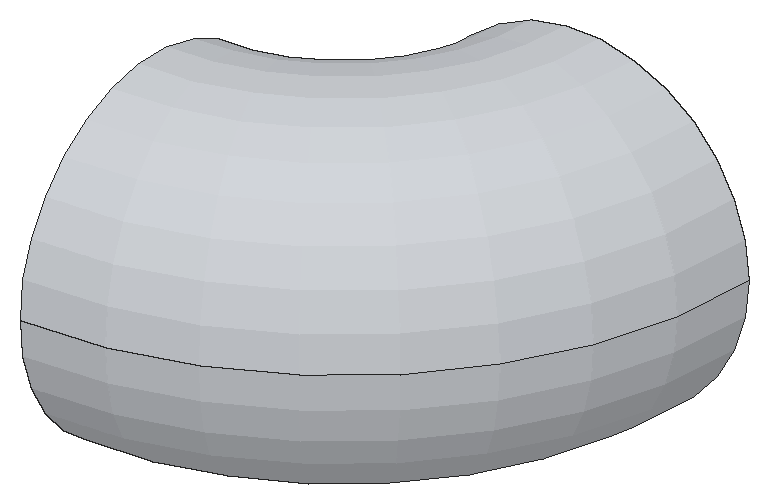
Revit family "M_Elbow - Generic", category Pipe Fittings, Revit 2014
Parameters (values of type "Standard")
  Tick Size [instance] = Fitting Outside Diameter * 0.4 * tan(Angle / 2)  # 11.43 mm
  Nominal Radius [instance] = 12.5 mm
  Nominal Diameter [instance] = Nominal Radius * 2  # 25 mm
  Lookup Table Name = "M_Pipe Fitting - Generic"
  Fitting Outside Radius [instance] = Fitting Outside Diameter / 2  # 14.288 mm
  Fitting Outside Diameter [instance] = size_lookup(Lookup Table Name, "FOD", Nominal Diameter + 3.175 mm, Nominal Diameter)  # 28.575 mm
  Center to End [instance] = Center Radius * tan(Angle / 2)  # 20.637 mm
  Center Radius [instance] = Fitting Outside Radius + 6.35 mm  # 20.638 mm
  Angle [instance] = 90.00°
Reference planes
  plane 1 "Center (Front/Back)": y = 0
  plane 2: z = 0
  plane 3 "Center (Left/Right)": x = 0
  plane 4: x = -20.637
  plane 5: y = 20.637
  plane 6: y = 11.43
  plane 7: y = -11.43
Forms (mm)
  Sweep 1, solid, detail levels fine
    path in 3D
      loop
        arc (-20.637, 0, 0) -> (-6.045, 6.045, 0) -> (0, 20.637, 0) r 20.638
    profile origin (-6.045, 6.045, 0) x (-0.707107, 0.707107, 0) y (0, 0, 1)
      loop
        circle (0, 0) r 14.288
Lines and regions (mm)
  reference lines
    curve 1: line (0, 0, 0) -> (0, 22.126, 0)
    curve 2: line (-20.637, 20.637, 0) -> (14.363, 20.637, 0)
    curve 3: line (-11.43, 8.68, 0) -> (-11.43, 23.68, 0)
    curve 4: line (11.43, 17.403, 0) -> (11.43, 29.245, 0)
    curve 5: arc (-20.637, 0, 0) -> (-6.045, 6.045, 0) -> (0, 20.637, 0) r 20.638
  model lines, detail levels coarse+medium
    curve 6: arc (-20.637, 0, 0) -> (-6.045, 6.045, 0) -> (0, 20.637, 0) r 20.638
    curve 7: line (-20.637, 11.43, 0) -> (-20.637, -11.43, 0)
    curve 8: line (-11.43, 20.637, 0) -> (11.43, 20.637, 0)
  sketch lines
    curve 9: arc (-20.637, 0, 0) -> (-6.045, 6.045, 0) -> (0, 20.637, 0) r 20.638
Dimensions and locks
  "Center to End": plane 4 to plane 3 "Center (Left/Right)"
  "Center Radius": plane 5 to plane 1 "Center (Front/Back)"
  "Tick Size": plane 6 to plane 1 "Center (Front/Back)"
  "Tick Size": plane 7 to plane 1 "Center (Front/Back)"
  equal spacing: curve 4, curve 1, curve 3
  "Tick Size": curve 1 to curve 3
  "Center Radius": radius of curve 5
  "Center Radius": radius of curve 6
  "Fitting Outside Radius": radius of Sweep 1 sketch curve
  "Angle": angle plane 1 "Center (Front/Back)" to curve 1
  "Angle": angle plane 4 to curve 2
  "Angle": angle plane 1 "Center (Front/Back)" to curve 3
  "Angle": angle plane 1 "Center (Front/Back)" to curve 4
  "Angle": angle curve 5 to curve 5
  "Angle": angle curve 6 to curve 6
  aligned and locked: plane 3 "Center (Left/Right)" to curve 1
  aligned and locked: plane 1 "Center (Front/Back)" to curve 1
  aligned and locked: plane 4 to curve 2
  aligned and locked: plane 5 to curve 2
  aligned and locked: plane 4 to curve 5  (x2)
  aligned and locked: plane 5 to curve 5
  aligned and locked: plane 4 to curve 6  (x2)
  aligned and locked: plane 5 to curve 6
  aligned and locked: plane 6 to curve 7
  aligned and locked: plane 7 to curve 7
  aligned and locked: curve 7 to plane 4
  aligned and locked: curve 3 to curve 8
  aligned and locked: curve 4 to curve 8
  aligned and locked: curve 2 to curve 8
Automatic sketch dimensions
  curve 4 to curve 2 = 3.235 mm
  curve 1 to curve 3 = 8.68 mm
  Sweep 1 sketch curve to profile plane = 0 mm
  profile plane to Sweep 1 sketch curve = 0 mm
Connectors
  piping at (-20.637, 0, 0), diameter 25, driven by "Nominal Radius", driven by "Angle"
    settings: on Sweep 1, index 1, connector inside diameter 25 mm, connector length 0 mm, flow factor 0, pipe flow 0.0 L/s, pressure drop 0.0 Pa, fitting loss kfactor 0, connector angle 90.00°, fixture units 0, engagement length 0 mm, angle of deflection 0.00°, flow configuration 0, flow direction 0, fitting loss method 0, system type 28, joint type 0, gender type 0, connector reference index 2, connector utility 0, adjustable connector no, is connector primary yes, connector description ""
  piping at (0, 20.637, 0), diameter 25, driven by "Nominal Radius", driven by "Angle"
    settings: on Sweep 1, index 2, connector inside diameter 25 mm, connector length 0 mm, flow factor 0, pipe flow 0.0 L/s, pressure drop 0.0 Pa, fitting loss kfactor 0, connector angle 90.00°, fixture units 0, engagement length 0 mm, angle of deflection 0.00°, flow configuration 0, flow direction 0, fitting loss method 0, system type 28, joint type 0, gender type 0, connector reference index 1, connector utility 0, adjustable connector no, is connector primary no, connector description ""
